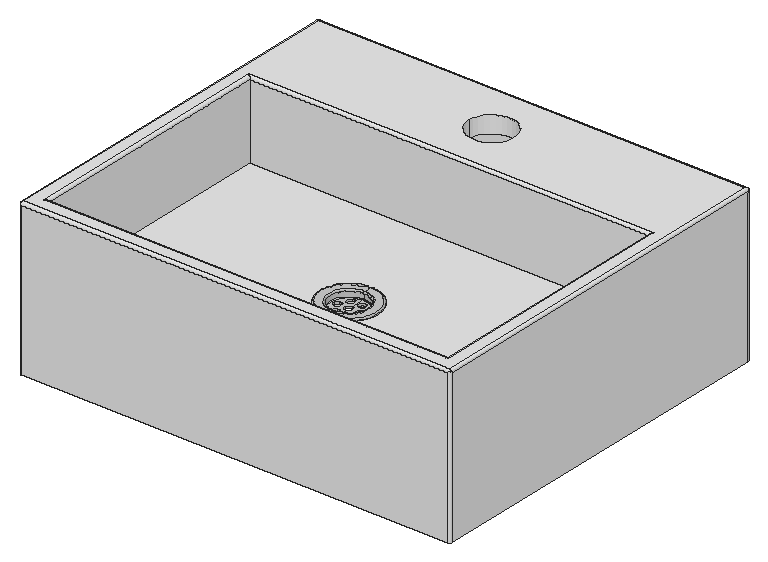
Revit family "Tsomo Basin", category Plumbing Fixtures, Revit 2023
Family settings
  Round Connector Dimension = Use Diameter
  Part Type = Normal
  OmniClass Number = 23.45.00.00
  OmniClass Title = Sanitary, Laundry, and Cleaning Equipment
  Work Plane-Based = No
  Enable Cutting in Views = No
  Always vertical = Yes
  Cut with Voids When Loaded = No
  Maintain Annotation Orientation = No
  Shared = No
  Room Calculation Point = No
Parameters
  Silver = Silver
  Default Elevation = 0 mm
  Ceramic = Ceramic
Reference planes
  plane 1 "Center (Front/Back)": y = 0
  plane 2: z = 0
  plane 3 "Center (Left/Right)": x = 0
  plane 4: z = 60
Forms (mm)
  Extrusion 1, solid, material "Ceramic" <- "Ceramic"
    sketch origin (0, 0, 0) x (1, 0, 0) y (0, 1, 0)
      loop
        arc (167.5, -2) -> (166.914, -0.586) -> (165.5, 0) r 2
        line (165.5, 0) -> (-165.5, 0)
        arc (-165.5, 0) -> (-166.914, -0.586) -> (-167.5, -2) r 2
        line (-167.5, -2) -> (-167.5, -288)
        arc (-167.5, -288) -> (-166.914, -289.414) -> (-165.5, -290) r 2
        line (-165.5, -290) -> (165.5, -290)
        arc (165.5, -290) -> (166.914, -289.414) -> (167.5, -288) r 2
        line (167.5, -288) -> (167.5, -2)
    from 0 to 120
  Extrusion 2, void
    sketch origin (239.609, -1524, 60) x (0, -1, 0) y (-1, 0, 0)
      loop
        line (-1442.01, 394.576) -> (-1442.01, 84.576) -> (-1247.01, 84.576) -> (-1247.01, 394.576) -> (-1442.01, 394.576)
    from 0 to -60
  Extrusion 3, void
    sketch origin (0, 0, 0) x (0, 1, 0) y (1, 0, 0)
      loop
        line (-13, -152.967) -> (-13, 153.033)
        arc (-13, 153.033) -> (-13.586, 154.447) -> (-15, 155.033) r 2
        line (-15, 155.033) -> (-274.99, 155.033)
        arc (-274.99, 155.033) -> (-276.404, 154.447) -> (-276.99, 153.033) r 2
        line (-276.99, 153.033) -> (-276.99, -152.967)
        arc (-276.99, -152.967) -> (-276.404, -154.381) -> (-274.99, -154.967) r 2
        line (-274.99, -154.967) -> (-15, -154.967)
        arc (-15, -154.967) -> (-13.586, -154.381) -> (-13, -152.967) r 2
    from 0 to -45
  Extrusion 4, void
    sketch origin (239.609, -1316, 60) x (0, -1, 0) y (-1, 0, 0)
      loop
        line (-1303, 392.576) -> (-1303, 86.576)
        arc (-1303, 86.576) -> (-1302.414, 85.162) -> (-1301, 84.576) r 2
        line (-1301, 84.576) -> (-1249.01, 84.576)
        arc (-1249.01, 84.576) -> (-1247.596, 85.162) -> (-1247.01, 86.576) r 2
        line (-1247.01, 86.576) -> (-1247.01, 392.576)
        arc (-1247.01, 392.576) -> (-1247.596, 393.99) -> (-1249.01, 394.576) r 2
        line (-1249.01, 394.576) -> (-1301, 394.576)
        arc (-1301, 394.576) -> (-1302.414, 393.99) -> (-1303, 392.576) r 2
    from 15 to -47
  Extrusion 5, void
    sketch origin (239.609, -1524, 60) x (0, -1, 0) y (-1, 0, 0)
      loop
        circle (-1344.51, 239.609) r 22.5
      loop
        circle (-1483, 239.576) r 17.5
    from -133.607 to 60
  Sweep 6, void
    path origin (0, 0, 120) x (1, 0, 0) y (0, 1, 0)
      loop
        line (167.5, 0) -> (-167.5, 0) -> (-167.5, -290) -> (167.5, -290) -> (167.5, 0)
    profile origin (0, 0, 120) x (0, -1, 0) y (0, 0, 1)
      loop
        line (0, 0) -> (0, -2)
        arc (0, -2) -> (0.586, -0.586) -> (2, 0) r 2
        line (2, 0) -> (0, 0)
  Sweep 7, void
    path origin (0, 0, 120) x (1, 0, 0) y (0, 1, 0)
      loop
        line (155.033, -81.99) -> (-154.967, -81.99) -> (-154.967, -276.99) -> (155.033, -276.99) -> (155.033, -81.99)
    profile origin (0.033, -81.99, 120) x (0, -1, 0) y (0, 0, 1)
      loop
        line (0, 0) -> (-2, 0)
        arc (-2, 0) -> (-0.586, -0.586) -> (0, -2) r 2
        line (0, -2) -> (0, 0)
  Revolve 8, solid, material "Silver" <- "Silver"
    sketch origin (0.043, 12.51, -662.469) x (0, 1, 0) y (0, 0, 1)
      loop
        line (-169.5, 721.469) -> (-169.5, 722.469)
        arc (-169.5, 722.469) -> (-169.793, 723.176) -> (-170.5, 723.469) r 1
        line (-170.5, 723.469) -> (-176.5, 723.469)
        arc (-176.5, 723.469) -> (-177.207, 723.176) -> (-177.5, 722.469) r 1
        line (-177.5, 722.469) -> (-177.5, 718.713)
        arc (-177.5, 718.713) -> (-177.646, 718.359) -> (-178, 718.213) r 0.5
        line (-178, 718.213) -> (-192, 718.213) -> (-192, 717.213) -> (-176.15, 717.213) -> (-176.15, 720.469)
        arc (-176.15, 720.469) -> (-175.857, 721.176) -> (-175.15, 721.469) r 1
        line (-175.15, 721.469) -> (-169.5, 721.469)
      axis (-192, 717.213) -> (-192, 723.469)
    angle from 0 to 360
  Extrusion 9, void
    sketch origin (0.043, 12.51, -662.469) x (1, 0, 0) y (0, 1, 0)
      loop
        circle (0, -192) r 3
      loop
        circle (-8.778, -192) r 3
      loop
        circle (-4.389, -184.398) r 3
      loop
        circle (4.389, -184.398) r 3
      loop
        circle (8.778, -192) r 3
      loop
        circle (4.389, -199.602) r 3
      loop
        circle (-4.389, -199.602) r 3
    from 710.891 to 726.281
Cuts and joins
  Extrusion 2, Extrusion 3, Extrusion 4, Extrusion 5, Sweep 6, Sweep 7 cuts Extrusion 1
  Extrusion 9 cuts Revolve 8
Lines and regions (mm)
  Filled region 1, type "7018--31", in view "Ref. Level"
    outline origin (0, 0, 0) x (1, 0, 0) y (0, 1, 0)
      loop
        line (1327.877, 637.618) -> (1325.377, 637.201) -> (1327.877, 636.784) -> (1327.877, 637.618)
  Filled region 2, type "7018--31", in view "Ref. Level"
    outline origin (0, 0, 0) x (1, 0, 0) y (0, 1, 0)
      loop
        line (1656.93, 637.618) -> (1656.93, 636.784) -> (1659.43, 637.201) -> (1656.93, 637.618)
  Filled region 3, type "7018--31", in view "Ref. Level"
    outline origin (0, 0, 0) x (1, 0, 0) y (0, 1, 0)
      loop
        line (1868.957, 450.943) -> (1866.457, 450.527) -> (1868.957, 450.11) -> (1868.957, 450.943)
  Filled region 4, type "7018--31", in view "Ref. Level"
    outline origin (0, 0, 0) x (1, 0, 0) y (0, 1, 0)
      loop
        line (2153.629, 450.943) -> (2153.629, 450.11) -> (2156.129, 450.527) -> (2153.629, 450.943)
  Filled region 5, type "7018--31", in view "Ref. Level"
    outline origin (0, 0, 0) x (1, 0, 0) y (0, 1, 0)
      loop
        line (2188.718, 292.957) -> (2186.218, 292.54) -> (2188.718, 292.124) -> (2188.718, 292.957)
  Filled region 6, type "7018--31", in view "Ref. Level"
    outline origin (0, 0, 0) x (1, 0, 0) y (0, 1, 0)
      loop
        line (2182.694, 292.957) -> (2182.694, 292.124) -> (2185.194, 292.54) -> (2182.694, 292.957)
  Filled region 7, type "7018--31", in view "Ref. Level"
    outline origin (0, 0, 0) x (1, 0, 0) y (0, 1, 0)
      loop
        line (1340.024, 279.955) -> (1337.524, 279.538) -> (1340.024, 279.122) -> (1340.024, 279.955)
  Filled region 8, type "7018--31", in view "Ref. Level"
    outline origin (0, 0, 0) x (1, 0, 0) y (0, 1, 0)
      loop
        line (1645.038, 279.955) -> (1645.038, 279.122) -> (1647.538, 279.538) -> (1645.038, 279.955)
  Filled region 9, type "7018--31", in view "Ref. Level"
    outline origin (0, 0, 0) x (1, 0, 0) y (0, 1, 0)
      loop
        line (1685.191, 500.441) -> (1686.024, 500.441) -> (1685.608, 502.941) -> (1685.191, 500.441)
  Filled region 10, type "7018--31", in view "Ref. Level"
    outline origin (0, 0, 0) x (1, 0, 0) y (0, 1, 0)
      loop
        line (1685.191, 310.812) -> (1685.608, 308.312) -> (1686.024, 310.812) -> (1685.191, 310.812)
  Filled region 11, type "7018--31", in view "Ref. Level"
    outline origin (0, 0, 0) x (1, 0, 0) y (0, 1, 0)
      loop
        line (1477.694, 519.08) -> (1475.194, 518.664) -> (1477.694, 518.247) -> (1477.694, 519.08)
  Filled region 12, type "7018--31", in view "Ref. Level"
    outline origin (0, 0, 0) x (1, 0, 0) y (0, 1, 0)
      loop
        line (1507.539, 519.08) -> (1507.539, 518.247) -> (1510.039, 518.664) -> (1507.539, 519.08)
  Filled region 13, type "7018--31", in view "Ref. Level"
    outline origin (0, 0, 0) x (1, 0, 0) y (0, 1, 0)
      loop
        line (1476.294, 375.669) -> (1473.794, 375.253) -> (1476.294, 374.836) -> (1476.294, 375.669)
  Filled region 14, type "7018--31", in view "Ref. Level"
    outline origin (0, 0, 0) x (1, 0, 0) y (0, 1, 0)
      loop
        line (1515.876, 375.669) -> (1515.876, 374.836) -> (1518.376, 375.253) -> (1515.876, 375.669)
  model lines, style "0", not visible
    curve 1: circle (1493.17, 549.132, 0) r 17.5 normal (0, 0, 1)
    curve 2: circle (1496.183, 416.632, 0) r 22.5 normal (0, 0, 1)
    curve 3: line (1324.069, 585.449, 0) -> (1659.069, 585.449, 0)
    curve 4: line (1659.069, 585.449, 0) -> (1659.069, 295.449, 0)
    curve 5: line (1659.069, 295.449, 0) -> (1324.069, 295.449, 0)
    curve 6: line (1324.069, 295.449, 0) -> (1324.069, 585.449, 0)
    curve 7: line (1336.602, 503.46, 0) -> (1646.602, 503.46, 0)
    curve 8: line (1646.602, 503.46, 0) -> (1646.602, 308.46, 0)
    curve 9: line (1646.602, 308.46, 0) -> (1336.602, 308.46, 0)
    curve 10: line (1336.602, 308.46, 0) -> (1336.602, 503.46, 0)
Text (mm)
  text "335mm" at (1492.404, 639.103, 0), in view "Ref. Level"
  text "290mm" at (2011.293, 452.428, 0), in view "Ref. Level"
  text "120mm" at (2174.049, 294.442, 0), in view "Ref. Level"
  text "310mm" at (1492.531, 281.441, 0), in view "Ref. Level"
  text "195mm" at (1683.706, 405.627, 0), in view "Ref. Level"
  text "35mm" at (1492.617, 520.566, 0), in view "Ref. Level"
  text "45mm" at (1496.085, 377.149, 0), in view "Ref. Level"
Dimensions and locks
  aligned and locked: level to plane 2
